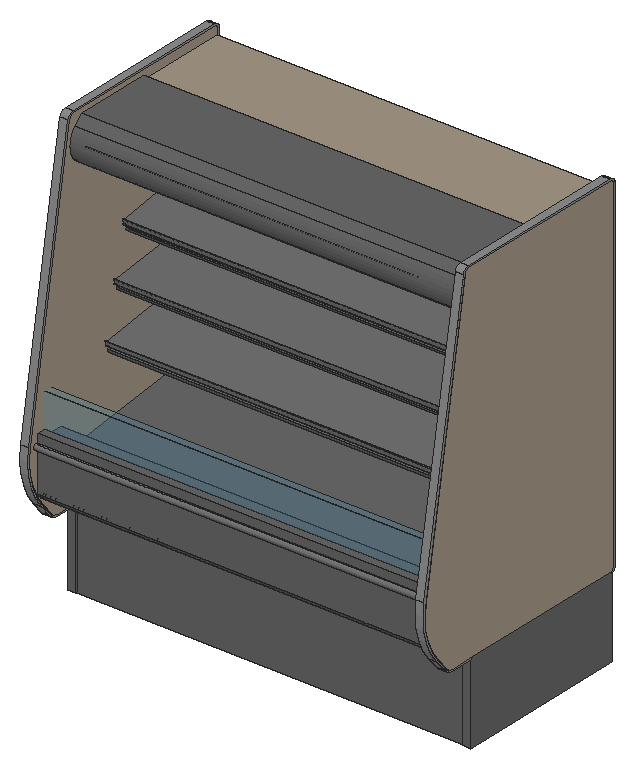
Revit family "OHMA", category Mechanical Equipment, Revit 2019
Family settings
  Round Connector Dimension = Use Radius
  Part Type = Normal
  OmniClass Number = 23.40.40.11.17
  OmniClass Title = Refrigerated Cases
  Work Plane-Based = Yes
  Always vertical = Yes
  Cut with Voids When Loaded = No
  Shared = No
  Room Calculation Point = No
Parameters (values of type "6'")
  Width = 43 1/4"  # constant formula
  URL = "http://www.hillphoenix.com/?s=ohma"
  Timed-Off Defrost Termination Temp = 48 °F  # constant formula
  Timed-Off Defrost Fail-Safe (Min) = "60 (Min)"  # constant formula
  TOP REFRIGERATION PIPING = yes
  TOP ELECTRICAL = yes
  TOEKICK [instance] = BLACK PAINTED METAL
  Systems Frequency = 60 Hz  # constant formula
  System Data Volts = 208 V  # constant formula
  System Data Phase = 1  # constant formula
  Superheat Set Point @ Bulb (°F) = "6 - 8"  # constant formula
  Suction Pressure @ Case Outlet (psig) (text) = "52-54  psi"  # constant formula
  Standard Power Watts = 0 W
  Standard Power Amps = 0 A
  STAINLESS STEEL = GALVANIZED STEEL
  Running Load (RLA) Amps = 0 A
  Refrigerant = "R404A"  # constant formula
  Refgn = 28 5/8"
  RT STD END = yes
  REFRIGERATION PIPING = COPPER PIPE
  RUBBER BUMPER [instance] = BLACK
  REAR REFRIGERATION PIPING = yes
  Plug Style = "NEMA L14-20P"  # constant formula
  PAINTED METAL UPPER SHELF = PAINTED SHELVES
  PAINTED METAL INTERIOR [instance] = GALVANIZED STEEL
  PAINTED METAL EXTERIOR [instance] = CHARCOAL BROWN
  Model = "OHMA-NRG"  # constant formula
  Manufacturer = "HILL PHOENIX"  # constant formula
  Locked Rotor (LRA) Amps = 0 A
  Lights Per Row = 0
  Light Length = "4'"  # constant formula
  Length = 72"
  Legend Number = Model  # "OHMA-NRG"
  Lbs. of Refrigerant = 0
  LF STD END = yes
  Keynote = ""  # constant formula
  Item Description = Description  # "Mobile High Multi-Deck Self-Contained Merchandiser"
  High Power (Cornice) Watts = 0 W
  High Power (Cornice) Amps = 0 A
  Height = 75 1/2"  # constant formula
  GLASS = Glass
  EQUIPMENT MARK = Legend Number  # "OHMA-NRG"
  EQUIPMENT DESCRIPTION = Item Description  # "Mobile High Multi-Deck Self-Contained Merchandiser"
  Discharge Air Velocity (FPM) = 350 FPM  # constant formula
  Discharge Air (°F) = 31.7 °F  # constant formula
  Description = "Mobile High Multi-Deck Self-Contained Merchandiser"  # constant formula
  Defrosts Per Day = 4  # constant formula
  Default Elevation = 48"
  DRAIN PIPING = yes
  DRAIN LINE = Length / 2  # 36"
  DESIGNERS NAME = "SHIDDRAMESH"  # constant formula
  DATE = "05/20/2016"  # constant formula
  Cord Length = 120"  # constant formula
  Condensing Frequency (Hz) = 60 Hz  # constant formula
  Condensing Data  Phase = 1  # constant formula
  Condensing  Data Volts = 208 V  # constant formula
  Condensed Horsepower = ""
  Certifications = "NSF 7, UL471, CSA"  # constant formula
  CENTER LINE = Length / 2  # 36"
  BOTTOM REFRIGERATION PIPING = yes
  BOTTOM ELECTRICAL = yes
  BASE [instance] = BLACK PAINTED METAL
  Assembly Code = ""
  Application Discipline = ""
  24 hour Energy Usage (kWh) = "40.0 (kWh)"  # constant formula
  20" Shelf = yes
  16" Shelf = yes
  18" Shelf = yes
Types (4): name | Standard Power Watts | Standard Power Amps | Running Load (RLA) Amps | Refgn | Locked Rotor (LRA) Amps | Lights Per Row | Length | Lbs. of Refrigerant | High Power (Cornice) Watts | High Power (Cornice) Amps | DRAIN LINE | Condensed Horsepower | CENTER LINE
  4' | 11.9 W | 0.1 A | 6.2 A | 22 1/2" | 34 A | 1 | 48" | 5 | 21.5 W | 0.18 A | 24" | "3/4" | 24"
  6' | 0 W | 0 A | 0 A | 28 5/8" | 0 A | 0 | 72" | 0 | 0 W | 0 A | 36" | "" | 36"
  8' | 0 W | 0 A | 0 A | 28 5/8" | 0 A | 0 | 96" | 0 | 0 W | 0 A | 48" | "" | 48"
  12' | 0 W | 0 A | 0 A | 28 5/8" | 0 A | 0 | 144" | 0 | 0 W | 0 A | 72" | "" | 72"
Reference planes (in)
  plane 1: z = 0.01963
  plane 2 "LEFT": x = 0
  plane 3 "CASE RIGHT": x = 72
  plane 4: y = -15.80744
  plane 5: x = 73.5
  plane 6: x = 36
  plane 7: z = -5.89898
  plane 8: z = 22.71897
  plane 9: z = 66.59438
  plane 10: y = -58.49494
  plane 11: y = -46.93244
  plane 12: z = 20.58098
Forms (in)
  Extrusion 1, solid, material "BLACK PAINTED METAL" <- "BASE"
    sketch origin (0, 0, 0) x (0, 1, 0) y (0, 0, 1)
      loop
        line (-15.80744, 9.10102) -> (-48.30744, 9.10102) -> (-48.30744, -5.89898) -> (-15.80744, -5.89898) -> (-15.80744, 9.10102)
    from 0 to 72
  Extrusion 2, solid, material "BLACK PAINTED METAL" <- "BASE"
    sketch origin (0, 0, 4) x (0, 1, 0) y (0, 0, 1)
      loop
        line (-54.30253, 19.53243) -> (-55.86428, 19.53243) -> (-55.86428, 20.71938) -> (-57.60214, 20.71938) -> (-57.60214, 10.63324) -> (-56.64936, 9.57508)
        arc (-56.64936, 9.57508) -> (-56.62842, 9.55986) -> (-56.6031, 9.55448) r 0.06225
        line (-56.6031, 9.55448) -> (-55.97655, 9.55448) -> (-55.97655, 9.59748) -> (-55.73969, 9.59748) -> (-56.25153, 10.01073) -> (-56.25153, 15.40325) -> (-54.30253, 15.40325) -> (-54.30253, 19.53243)
    from 0 to 72
  Extrusion 3, solid, material "BLACK PAINTED METAL" <- "BASE"
    sketch origin (0, 0, 4) x (0, 1, 0) y (0, 0, 1)
      loop
        line (-52.13901, 19.53243) -> (-54.30253, 19.53243) -> (-54.30253, 13.448)
        arc (-54.30253, 13.448) -> (-52.47048, 9.13196) -> (-48.09313, 7.45166) r 6
        line (-48.09313, 7.45166) -> (-45.80791, 6.18488) -> (-43.17736, 6.18488) -> (-41.08634, 7.70386) -> (-23.60242, 8.33316)
        arc (-23.60242, 8.33316) -> (-19.4889, 10.16196) -> (-17.78682, 14.32951) r 6.03269
        line (-17.78682, 14.32951) -> (-17.78682, 15.93488) -> (-19.87926, 15.93488) -> (-19.87926, 18.47991)
        arc (-19.87926, 18.47991) -> (-20.01358, 18.13891) -> (-20.34438, 17.98113) r 0.5
        line (-20.34438, 17.98113) -> (-24.02333, 17.72387) -> (-24.04097, 17.9761) -> (-50.84928, 14.76444) -> (-51.06351, 14.688) -> (-52.13901, 14.688) -> (-52.13901, 19.53243)
    from 0 to 72
  Extrusion 4, solid, material "BLACK" <- "RUBBER BUMPER"
    sketch origin (0, -0.01781, 4) x (0, 1, 0) y (0, 0, 1)
      loop
        arc (-57.97714, 19.21897) -> (-58.47714, 18.71897) -> (-57.97714, 18.21897) r 0.5
        line (-57.97714, 18.21897) -> (-57.58433, 18.21897) -> (-57.58433, 19.21897) -> (-57.97714, 19.21897)
    from 0 to 72
  Extrusion 5, solid, material "CHARCOAL BROWN" <- "PAINTED METAL EXTERIOR"
    sketch origin (0, 0, 4) x (0, 1, 0) y (0, 0, 1)
      loop
        line (-56.25153, 10.01073) -> (-50.17041, 5.10102) -> (-15.80744, 5.10102) -> (-15.80744, 68.816) -> (-44.85203, 68.816) -> (-44.85203, 66.84) -> (-17.78682, 66.84) -> (-17.78682, 14.32951)
        arc (-17.78682, 14.32951) -> (-19.4889, 10.16196) -> (-23.60242, 8.33316) r 6.03269
        line (-23.60242, 8.33316) -> (-41.08634, 7.70386) -> (-43.17736, 6.18488) -> (-45.80791, 6.18488) -> (-48.09313, 7.45166)
        arc (-48.09313, 7.45166) -> (-52.47048, 9.13196) -> (-54.30253, 13.448) r 6
        line (-54.30253, 13.448) -> (-54.30253, 15.40325) -> (-56.25153, 15.40325) -> (-56.25153, 10.01073)
    from 0 to 72
  Extrusion 6, solid, material "PAINTED SHELVES" <- "PAINTED METAL UPPER SHELF", visible <- "16" Shelf"
    sketch origin (0, -7.12412, 0.89328) x (0, 0.990268, -0.139173) y (0, 0.139173, 0.990268)
      loop
        arc (-22.35686, 48.24604) -> (-21.66459, 48.24526) -> (-20.99907, 48.05466) r 2.5
        line (-20.99907, 48.05466) -> (-20.17485, 47.68645)
        arc (-20.17485, 47.68645) -> (-19.8791, 47.60694) -> (-19.57315, 47.62073) r 0.99938
        line (-19.57315, 47.62073) -> (-20.06663, 51.132) -> (-37.10617, 45.92599)
        arc (-37.10617, 45.92599) -> (-37.24297, 45.94121) -> (-37.33406, 46.04442) r 0.1911
        line (-37.33406, 46.04442) -> (-37.34691, 46.08911)
        arc (-37.34691, 46.08911) -> (-37.38428, 46.11065) -> (-37.40582, 46.07328) r 0.0305
        line (-37.40582, 46.07328) -> (-37.16003, 45.15847)
        arc (-37.16003, 45.15847) -> (-37.10132, 45.12113) -> (-37.05899, 45.17636) r 0.0515
        line (-37.05899, 45.17636) -> (-37.07234, 45.32775) -> (-31.76106, 46.75477) -> (-31.68496, 46.50586) -> (-22.35686, 48.24604)
    from 0 to 72
  Extrusion 7, solid, material "BLACK PAINTED METAL" <- "BASE"
    sketch origin (0, -0.01419, 6.34417) x (0, 1, 0) y (0, 0, 1)
      loop
        line (-20.44446, 53.87511) -> (-20.74869, 53.65811)
        arc (-20.74869, 53.65811) -> (-20.76327, 53.6304) -> (-20.75851, 53.59945) r 0.05
        line (-20.75851, 53.59945) -> (-20.44257, 52.97938)
        arc (-20.44257, 52.97938) -> (-20.38081, 52.92474) -> (-20.29837, 52.9269) r 0.1125
        line (-20.29837, 52.9269) -> (-19.94575, 53.07658)
        arc (-19.94575, 53.07658) -> (-19.8959, 53.11804) -> (-19.87721, 53.18013) r 0.1125
        line (-19.87721, 53.18013) -> (-19.87721, 54.68994) -> (-19.92553, 54.68994) -> (-19.92553, 53.18997) -> (-19.98051, 53.22467) -> (-20.44446, 53.87511)
      loop
        arc (-25.93891, 61.93898) -> (-25.97137, 61.95926) -> (-26.00866, 61.95065) r 0.05
        line (-26.00866, 61.95065) -> (-26.39007, 61.67859) -> (-26.86832, 62.34908)
        arc (-26.86832, 62.34908) -> (-26.88614, 62.3645) -> (-26.90903, 62.37005) r 0.05
        line (-26.90903, 62.37005) -> (-27.53403, 62.37005) -> (-27.53403, 62.32005) -> (-26.90903, 62.32005) -> (-25.96298, 60.99374)
        arc (-25.96298, 60.99374) -> (-25.92768, 60.98112) -> (-25.89033, 60.9843) r 0.08819
        line (-25.89033, 60.9843) -> (-25.5362, 61.09355) -> (-25.70875, 61.33545) -> (-25.57598, 61.43016) -> (-25.93891, 61.93898)
    from 0 to 72
  Extrusion 8, solid, material "Glass" <- "GLASS"
    sketch origin (0, 0, 4) x (0, 1, 0) y (0, 0, 1)
      loop
        line (-25.59721, 63.42327) -> (-25.95856, 63.31181) -> (-20.75085, 56.01087) -> (-20.45866, 56.21929) -> (-25.59721, 63.42327)
    from 0 to 72
  Extrusion 9, solid, material "BLACK PAINTED METAL" <- "BASE"
    sketch origin (0, 0, 4) x (0, 1, 0) y (0, 0, 1)
      loop
        line (-43.23283, 64.45598) -> (-43.23283, 66.84) -> (-44.85203, 66.84) -> (-44.85203, 68.816) -> (-32.83468, 68.816) -> (-32.83468, 69.59954) -> (-47.41103, 69.59954) -> (-48.91058, 68.09999)
        arc (-48.91058, 68.09999) -> (-50.04318, 65.33009) -> (-48.95705, 62.54164) r 4.036
        arc (-48.95705, 62.54164) -> (-48.75292, 62.45089) -> (-48.5458, 62.53461) r 0.286
        line (-48.5458, 62.53461) -> (-48.28726, 62.79315) -> (-48.38944, 62.89532) -> (-48.64797, 62.63679)
        arc (-48.64797, 62.63679) -> (-48.75298, 62.59543) -> (-48.85484, 62.64403) r 0.1415
        line (-48.85484, 62.64403) -> (-49.03253, 62.84851) -> (-49.03253, 64.07549) -> (-44.90879, 65.18044) -> (-43.95062, 64.73364)
        arc (-43.95062, 64.73364) -> (-43.92965, 64.7285) -> (-43.90831, 64.73179) r 0.05532
        line (-43.90831, 64.73179) -> (-43.26792, 64.96487) -> (-43.26792, 64.45598) -> (-43.23283, 64.45598)
    from 0 to 72
  Extrusion 10, solid, material "GALVANIZED STEEL" <- "PAINTED METAL INTERIOR"
    sketch origin (0, 0, 4) x (0, 1, 0) y (0, 0, 1)
      loop
        line (-43.23283, 66.84) -> (-43.23283, 64.45598) -> (-39.23283, 64.45598) -> (-39.23283, 64.71423) -> (-20.87926, 64.71423)
        arc (-20.87926, 64.71423) -> (-20.17215, 64.42134) -> (-19.87926, 63.71423) r 1
        line (-19.87926, 63.71423) -> (-19.87926, 15.93488) -> (-17.78682, 15.93488) -> (-17.78682, 66.84) -> (-43.23283, 66.84)
    from 0 to 72
  Extrusion 11, solid, material "BLACK PAINTED METAL" <- "BASE"
    sketch origin (0, 0, 4) x (0, 1, 0) y (0, 0, 1)
      loop
        line (-39.23283, 63.45598) -> (-39.23283, 64.45598) -> (-43.23283, 64.45598) -> (-43.23283, 63.45598) -> (-39.23283, 63.45598)
    from 0 to 72
  Extrusion 12, void
    sketch origin (0, 0, 0) x (1, 0, 0) y (0, 1, 0)
      loop
        circle (36, -44.43244) r 2
    from -5.89899 to -1.89899
  Extrusion 13, solid, material "COPPER PIPE" <- "REFRIGERATION PIPING", visible <- "DRAIN PIPING"
    sketch origin (0, 0, 0) x (1, 0, 0) y (0, 1, 0)
      loop
        circle (36, -44.43244) r 1.5
    from -5.89899 to -1.89899
  Extrusion 14, solid, material "Glass" <- "GLASS"
    sketch origin (0, 0, 4) x (0, 1, 0) y (0, 0, 1)
      loop
        line (-55.86428, 26.97602) -> (-55.86428, 19.53243) -> (-54.30803, 19.53243) -> (-54.30803, 26.97602) -> (-55.86428, 26.97602)
    from 0 to 72
  Extrusion 15, solid, material "CHARCOAL BROWN" <- "PAINTED METAL EXTERIOR", visible <- "LF STD END"
    sketch origin (0, 0, 4) x (0, 1, 0) y (0, 0, 1)
      loop
        arc (-49.0666, 70.44311) -> (-49.70797, 70.21033) -> (-50.05076, 69.62038) r 1
        line (-50.05076, 69.62038) -> (-59.16439, 19.02621)
        arc (-59.16439, 19.02621) -> (-58.92956, 13.27332) -> (-56.27675, 8.16318) r 13.25
        line (-56.27675, 8.16318) -> (-54.30843, 5.8161)
        arc (-54.30843, 5.8161) -> (-53.62125, 5.28858) -> (-52.7755, 5.10102) r 2.00063
        line (-52.7755, 5.10102) -> (-16.17497, 5.10102)
        arc (-16.17497, 5.10102) -> (-15.6427, 5.32149) -> (-15.42223, 5.85375) r 0.75274
        line (-15.42223, 5.85375) -> (-15.42223, 69.68202)
        arc (-15.42223, 69.68202) -> (-15.64515, 70.22019) -> (-16.18331, 70.44311) r 0.76108
        line (-16.18331, 70.44311) -> (-49.0666, 70.44311)
    from 0 to -1.5
  Extrusion 16, solid, material "GALVANIZED STEEL" <- "STAINLESS STEEL", visible <- "LF STD END"
    sketch origin (0, 0, 4) x (0, 1, 0) y (0, 0, 1)
      loop
        line (-49.0666, 70.44311) -> (-16.18331, 70.44311)
        arc (-16.18331, 70.44311) -> (-15.64515, 70.22019) -> (-15.42223, 69.68202) r 0.76108
        line (-15.42223, 69.68202) -> (-15.42223, 5.85375)
        arc (-15.42223, 5.85375) -> (-15.52563, 5.47299) -> (-15.80744, 5.19684) r 0.75274
        line (-15.80744, 5.19684) -> (-15.80744, 4.9208)
        arc (-15.80744, 4.9208) -> (-15.34611, 5.28942) -> (-15.17223, 5.85375) r 1.00274
        line (-15.17223, 5.85375) -> (-15.17223, 69.68202)
        arc (-15.17223, 69.68202) -> (-15.46837, 70.39697) -> (-16.18331, 70.69311) r 1.01108
        line (-16.18331, 70.69311) -> (-49.0666, 70.69311)
        arc (-49.0666, 70.69311) -> (-49.86831, 70.40214) -> (-50.2968, 69.6647) r 1.25
        line (-50.2968, 69.6647) -> (-59.41043, 19.07053)
        arc (-59.41043, 19.07053) -> (-59.17117, 13.20909) -> (-56.4683, 8.00254) r 13.5
        line (-56.4683, 8.00254) -> (-54.48471, 5.63724)
        arc (-54.48471, 5.63724) -> (-53.71167, 5.0438) -> (-52.76022, 4.8328) r 2.25063
        line (-52.76022, 4.8328) -> (-48.55744, 4.8328) -> (-48.55744, 5.10102) -> (-52.7755, 5.10102)
        arc (-52.7755, 5.10102) -> (-53.62125, 5.28858) -> (-54.30843, 5.8161) r 2.00063
        line (-54.30843, 5.8161) -> (-56.27675, 8.16318)
        arc (-56.27675, 8.16318) -> (-58.92956, 13.27332) -> (-59.16439, 19.02621) r 13.25
        line (-59.16439, 19.02621) -> (-50.05076, 69.62038)
        arc (-50.05076, 69.62038) -> (-49.70797, 70.21033) -> (-49.0666, 70.44311) r 1
    from 0 to -1.5
  Extrusion 17, solid, material "BLACK PAINTED METAL" <- "BASE", visible <- "LF STD END"
    sketch origin (0, 0, 0.08761) x (0, 1, 0) y (0, 0, 1)
      loop
        line (-48.55744, -5.98659) -> (-15.80744, -5.98659) -> (-15.80744, 9.01341) -> (-48.55744, 9.01341) -> (-48.55744, -5.98659)
    from 0 to -1.5
  Extrusion 18, solid, material "CHARCOAL BROWN" <- "PAINTED METAL EXTERIOR", visible <- "RT STD END"
    sketch origin (89, 0, 4) x (0, 1, 0) y (0, 0, 1)
      loop
        arc (-49.0666, 70.44311) -> (-49.70797, 70.21033) -> (-50.05076, 69.62038) r 1
        line (-50.05076, 69.62038) -> (-59.16439, 19.02621)
        arc (-59.16439, 19.02621) -> (-58.92956, 13.27332) -> (-56.27675, 8.16318) r 13.25
        line (-56.27675, 8.16318) -> (-54.30843, 5.8161)
        arc (-54.30843, 5.8161) -> (-53.62125, 5.28858) -> (-52.7755, 5.10102) r 2.00063
        line (-52.7755, 5.10102) -> (-16.17497, 5.10102)
        arc (-16.17497, 5.10102) -> (-15.6427, 5.32149) -> (-15.42223, 5.85375) r 0.75274
        line (-15.42223, 5.85375) -> (-15.42223, 69.68202)
        arc (-15.42223, 69.68202) -> (-15.64515, 70.22019) -> (-16.18331, 70.44311) r 0.76108
        line (-16.18331, 70.44311) -> (-49.0666, 70.44311)
    from -15.5 to -17
  Extrusion 19, solid, material "GALVANIZED STEEL" <- "STAINLESS STEEL", visible <- "RT STD END"
    sketch origin (89, 0, 4) x (0, 1, 0) y (0, 0, 1)
      loop
        line (-49.0666, 70.44311) -> (-16.18331, 70.44311)
        arc (-16.18331, 70.44311) -> (-15.64515, 70.22019) -> (-15.42223, 69.68202) r 0.76108
        line (-15.42223, 69.68202) -> (-15.42223, 5.85375)
        arc (-15.42223, 5.85375) -> (-15.52563, 5.47299) -> (-15.80744, 5.19684) r 0.75274
        line (-15.80744, 5.19684) -> (-15.80744, 4.9208)
        arc (-15.80744, 4.9208) -> (-15.34611, 5.28942) -> (-15.17223, 5.85375) r 1.00274
        line (-15.17223, 5.85375) -> (-15.17223, 69.68202)
        arc (-15.17223, 69.68202) -> (-15.46837, 70.39697) -> (-16.18331, 70.69311) r 1.01108
        line (-16.18331, 70.69311) -> (-49.0666, 70.69311)
        arc (-49.0666, 70.69311) -> (-49.86831, 70.40214) -> (-50.2968, 69.6647) r 1.25
        line (-50.2968, 69.6647) -> (-59.41043, 19.07053)
        arc (-59.41043, 19.07053) -> (-59.17117, 13.20909) -> (-56.4683, 8.00254) r 13.5
        line (-56.4683, 8.00254) -> (-54.48471, 5.63724)
        arc (-54.48471, 5.63724) -> (-53.71167, 5.0438) -> (-52.76022, 4.8328) r 2.25063
        line (-52.76022, 4.8328) -> (-48.55744, 4.8328) -> (-48.55744, 5.10102) -> (-52.7755, 5.10102)
        arc (-52.7755, 5.10102) -> (-53.62125, 5.28858) -> (-54.30843, 5.8161) r 2.00063
        line (-54.30843, 5.8161) -> (-56.27675, 8.16318)
        arc (-56.27675, 8.16318) -> (-58.92956, 13.27332) -> (-59.16439, 19.02621) r 13.25
        line (-59.16439, 19.02621) -> (-50.05076, 69.62038)
        arc (-50.05076, 69.62038) -> (-49.70797, 70.21033) -> (-49.0666, 70.44311) r 1
    from -15.5 to -17
  Extrusion 20, solid, material "BLACK PAINTED METAL" <- "BASE", visible <- "RT STD END"
    sketch origin (89, 0, 0) x (0, 1, 0) y (0, 0, 1)
      loop
        line (-48.55744, -5.89898) -> (-15.80744, -5.89898) -> (-15.80744, 9.10102) -> (-48.55744, 9.10102) -> (-48.55744, -5.89898)
    from -15.5 to -17
  Extrusion 21, void
    sketch origin (0, 0, 0) x (1, 0, 0) y (0, 1, 0)
      loop
        line (27.4375, -41.93244) -> (3.4375, -41.93244) -> (3.4375, -45.74494) -> (27.4375, -45.74494) -> (27.4375, -41.93244)
    from -5.89899 to -1.89899
  Extrusion 22, solid, visible <- "BOTTOM ELECTRICAL"
    sketch origin (0, 0, 0) x (1, 0, 0) y (0, 1, 0)
      loop
        line (3.59987, -42.08232) -> (3.59987, -45.53242) -> (27.25236, -45.53242) -> (27.25236, -42.08232) -> (3.59987, -42.08232)
    from -1.89899 to -2.14899
  Extrusion 23, solid, material "BLACK PAINTED METAL" <- "BASE"
    sketch origin (0, -5.33131, 6.15399) x (0, 1, 0) y (0, 0, 1)
      loop
        circle (-40.39807, 61.64645) r 0.5625
      loop
        circle (-42.17292, 61.66717) r 0.5625
    from 0 to 72
  Extrusion 24, solid, material "PAINTED SHELVES" <- "PAINTED METAL UPPER SHELF", visible <- "16" Shelf"
    sketch origin (0, -12.20857, 6.74228) x (0, 0.990268, -0.139173) y (0, 0.139173, 0.990268)
      loop
        circle (-30.00179, 39.31569) r 0.5
    from 0 to 72
  Extrusion 25, solid, material "PAINTED SHELVES" <- "PAINTED METAL UPPER SHELF", visible <- "16" Shelf"
    sketch origin (0, -12.20857, -3.50772) x (0, 0.990268, -0.139173) y (0, 0.139173, 0.990268)
      loop
        arc (-33.46044, 41.70569) -> (-33.59744, 41.71906) -> (-33.68992, 41.82102) r 0.1911
        line (-33.68992, 41.82102) -> (-33.70337, 41.86553)
        arc (-33.70337, 41.86553) -> (-33.74103, 41.88656) -> (-33.76207, 41.84891) r 0.0305
        line (-33.76207, 41.84891) -> (-33.50388, 40.93752)
        arc (-33.50388, 40.93752) -> (-33.44467, 40.90097) -> (-33.4031, 40.95678) r 0.0515
        line (-33.4031, 40.95678) -> (-33.41824, 41.1054) -> (-30.08886, 42.04857) -> (-30.05806, 41.93362) -> (-17.78954, 44.02737)
        arc (-17.78954, 44.02737) -> (-17.05705, 44.05458) -> (-16.34815, 43.86818) r 2.5
        line (-16.34815, 43.86818) -> (-14.58275, 43.11229)
        arc (-14.58275, 43.11229) -> (-14.19403, 43.03181) -> (-13.80464, 43.10893) r 0.99982
        line (-13.80464, 43.10893) -> (-14.32791, 46.83224) -> (-33.46044, 41.70569)
    from 0 to 72
  Extrusion 26, solid, material "PAINTED SHELVES" <- "PAINTED METAL UPPER SHELF", visible <- "16" Shelf"
    sketch origin (0, -12.90614, -3.23336) x (0, 0.990268, -0.139173) y (0, 0.139173, 0.990268)
      loop
        arc (-33.33865, 31.89764) -> (-33.47542, 31.91314) -> (-33.5663, 32.01654) r 0.1911
        line (-33.5663, 32.01654) -> (-33.57905, 32.06125)
        arc (-33.57905, 32.06125) -> (-33.61638, 32.08287) -> (-33.638, 32.04555) r 0.0305
        line (-33.638, 32.04555) -> (-33.3941, 31.13024)
        arc (-33.3941, 31.13024) -> (-33.33546, 31.09277) -> (-33.29302, 31.14791) r 0.0515
        line (-33.29302, 31.14791) -> (-33.30576, 31.29581) -> (-27.92907, 32.72851) -> (-27.86186, 32.49412) -> (-15.61749, 34.57862)
        arc (-15.61749, 34.57862) -> (-14.88467, 34.59438) -> (-14.17877, 34.39691) r 2.5
        line (-14.17877, 34.39691) -> (-12.42134, 33.61658)
        arc (-12.42134, 33.61658) -> (-12.09459, 33.53219) -> (-11.75837, 33.56117) r 1.00105
        line (-11.75837, 33.56117) -> (-12.36951, 37.90969) -> (-33.33865, 31.89764)
    from 0 to 72
  Extrusion 27, solid, material "PAINTED SHELVES" <- "PAINTED METAL UPPER SHELF", visible <- "16" Shelf"
    sketch origin (0, -15.86322, -5.46153) x (0, 0.990268, -0.139173) y (0, 0.139173, 0.990268)
      loop
        circle (-29.1398, 42.85625) r 0.5
    from 0 to 72
  Extrusion 28, solid, material "PAINTED SHELVES" <- "PAINTED METAL UPPER SHELF", visible <- "16" Shelf"
    sketch origin (0, -10.23158, -40.76831) x (0, 0.990268, -0.139173) y (0, 0.139173, 0.990268)
      loop
        line (-14.26811, 41.86116) -> (-42.3893, 37.90899) -> (-41.40123, 30.87853) -> (-13.28004, 34.8307) -> (-14.26811, 41.86116)
    from 0 to 72
  Extrusion 29, solid, material "PAINTED SHELVES" <- "PAINTED METAL UPPER SHELF", visible <- "16" Shelf"
    sketch origin (0, -17.89036, -14.99847) x (0, 0.990268, -0.139173) y (0, 0.139173, 0.990268)
      loop
        circle (-29.1398, 42.85625) r 0.5
    from 0 to 72
Cuts and joins
  Extrusion 12, Extrusion 21 cuts Extrusion 1
Dimensions and locks (in)
  "Length": plane 2 "LEFT" to plane 3 "CASE RIGHT"
  "DRAIN LINE": plane 2 "LEFT" to plane 6
  locked: plane 3 "CASE RIGHT" to plane 5 at 1.5
  locked: Extrusion 12 sketch curve to plane 4 at 28.625
  locked: Extrusion 13 sketch curve to plane 4 at 28.625
  Extrusion 17 to cut or joined group of Extrusion 1, Extrusion 12, Extrusion 21 = 32 1/2"
  Extrusion 5 to Extrusion 9 = 34.23589"
  Extrusion 14 to plane 7 = 36 7/8"
  plane 8 to plane 7 = 28.61796"
  plane 9 to Extrusion 2 = 41 7/8"
  Extrusion 17 to plane 10 = 42 11/16"
  Extrusion 17 to plane 11 = 31 1/8"
  Extrusion 10 to Extrusion 3 = 32.25975"
  Extrusion 6 to Extrusion 6 = 18.00093"
  Extrusion 25 to Extrusion 25 = 19.9838"
  Extrusion 26 to Extrusion 26 = 22.00026"
  Extrusion 11 to plane 12 = 46 7/8"
  Extrusion 9 to Extrusion 17 = 79.49852"
  Extrusion 17 to Extrusion 17 = 15"
  Extrusion 28 to Extrusion 28 = 28.39755"
  aligned and locked: plane 3 "CASE RIGHT" to Extrusion 5
  aligned and locked: plane 3 "CASE RIGHT" to Extrusion 10
  aligned and locked: plane 3 "CASE RIGHT" to Extrusion 8
  aligned and locked: plane 3 "CASE RIGHT" to Extrusion 9
  aligned and locked: plane 3 "CASE RIGHT" to Extrusion 11
  aligned and locked: plane 3 "CASE RIGHT" to Extrusion 3
  aligned and locked: plane 3 "CASE RIGHT" to Extrusion 1
  aligned and locked: plane 3 "CASE RIGHT" to Extrusion 6
  aligned and locked: plane 3 "CASE RIGHT" to Extrusion 7
  aligned and locked: plane 3 "CASE RIGHT" to Extrusion 2
  aligned and locked: plane 3 "CASE RIGHT" to Extrusion 4
  aligned and locked: plane 3 "CASE RIGHT" to Extrusion 14
  aligned and locked: Extrusion 19 to plane 3 "CASE RIGHT"
  aligned and locked: plane 5 to Extrusion 19
  aligned and locked: Extrusion 18 to plane 3 "CASE RIGHT"
  aligned and locked: plane 5 to Extrusion 18
  aligned and locked: Extrusion 20 to plane 3 "CASE RIGHT"
  aligned and locked: plane 5 to Extrusion 20
  aligned and locked: plane 3 "CASE RIGHT" to Extrusion 25
  aligned and locked: plane 3 "CASE RIGHT" to Extrusion 27
  aligned and locked: plane 3 "CASE RIGHT" to Extrusion 24
  aligned and locked: plane 3 "CASE RIGHT" to Extrusion 23
  aligned and locked: plane 3 "CASE RIGHT" to Extrusion 26
  aligned and locked: Extrusion 28 to plane 3 "CASE RIGHT"
  aligned and locked: plane 3 "CASE RIGHT" to Extrusion 29
Automatic sketch dimensions
  Extrusion 1 sketch curve to plane 7 = 0"
  Extrusion 1 sketch curve to plane 4 = 0"
  Extrusion 1 sketch curve to plane 11 = 1 3/8"
  plane 1 to Extrusion 1 sketch curve = 9.08138"
  Extrusion 2 sketch curve to plane 10 = 0.8928"
  Extrusion 2 sketch curve to Extrusion 2 sketch curve = 0.95277"
  Extrusion 2 sketch curve to Extrusion 2 sketch curve = 0.04626"
  Extrusion 2 sketch curve to Extrusion 2 sketch curve = 45/128"
  Extrusion 2 sketch curve to Extrusion 2 sketch curve = 0.27498"
  Extrusion 2 sketch curve to Extrusion 2 sketch curve = 1.73785"
  Extrusion 2 sketch curve to Extrusion 2 sketch curve = 0.23687"
  Extrusion 2 sketch curve to Extrusion 2 sketch curve = 1.56175"
  Extrusion 2 sketch curve to plane 12 = 7.0265"
  Extrusion 2 sketch curve to Extrusion 2 sketch curve = 0.0206"
  Extrusion 2 sketch curve to Extrusion 2 sketch curve = 0.043"
  Extrusion 2 sketch curve to Extrusion 2 sketch curve = 0.41325"
  Extrusion 2 sketch curve to Extrusion 2 sketch curve = 1.05816"
  Extrusion 2 sketch curve to plane 12 = 1.17773"
  plane 8 to Extrusion 2 sketch curve = 0.81346"
  Extrusion 2 sketch curve to Extrusion 2 sketch curve = 1.18695"
  plane 8 to Extrusion 3 sketch curve = 0.81346"
  Extrusion 3 sketch curve to plane 10 = 4.1924"
  Extrusion 3 sketch curve to Extrusion 3 sketch curve = 2.16352"
  Extrusion 3 sketch curve to Extrusion 3 sketch curve = 1.0755"
  Extrusion 3 sketch curve to plane 12 = 1.81653"
  Extrusion 3 sketch curve to Extrusion 3 sketch curve = 0.21424"
  Extrusion 3 sketch curve to plane 11 = 1.3701"
  Extrusion 3 sketch curve to plane 11 = 1.1607"
  plane 11 to Extrusion 3 sketch curve = 1.12452"
  Extrusion 3 sketch curve to Extrusion 3 sketch curve = 2.63055"
  Extrusion 3 sketch curve to Extrusion 3 sketch curve = 2.09102"
  Extrusion 3 sketch curve to plane 8 = 0.74287"
  plane 4 to Extrusion 3 sketch curve = 8.23353"
  Extrusion 3 sketch curve to plane 8 = 0.9951"
  Extrusion 3 sketch curve to Extrusion 3 sketch curve = 0.01764"
  Extrusion 3 sketch curve to Extrusion 3 sketch curve = 0.20392"
  Extrusion 3 sketch curve to Extrusion 3 sketch curve = 0.217"
  Extrusion 3 sketch curve to plane 8 = 0.23906"
  Extrusion 3 sketch curve to Extrusion 3 sketch curve = 3.66171"
  Extrusion 3 sketch curve to plane 8 = 0.73785"
  Extrusion 3 sketch curve to plane 12 = 0.6461"
  Extrusion 3 sketch curve to Extrusion 3 sketch curve = 0.46512"
  plane 4 to Extrusion 3 sketch curve = 1.97938"
  Extrusion 3 sketch curve to Extrusion 3 sketch curve = 0.07644"
  Extrusion 3 sketch curve to plane 12 = 2.21903"
  Extrusion 3 sketch curve to Extrusion 3 sketch curve = 1.60537"
  Extrusion 3 sketch curve to Extrusion 3 sketch curve = 1.24"
  Extrusion 3 sketch curve to Extrusion 3 sketch curve = 0.2522"
  Extrusion 3 sketch curve to Extrusion 3 sketch curve = 1.26678"
  Extrusion 3 sketch curve to Extrusion 3 sketch curve = 0"
  plane 8 to Extrusion 4 sketch curve = 0"
  Extrusion 4 sketch curve to plane 10 = 1/2"
  Extrusion 4 sketch curve to Extrusion 4 sketch curve = 0.39281"
  Extrusion 4 sketch curve to plane 8 = 1/2"
  Extrusion 5 sketch curve to plane 4 = 0"
  plane 4 to Extrusion 5 sketch curve = 1.97938"
  plane 4 to Extrusion 5 sketch curve = 7.79498"
  Extrusion 5 sketch curve to plane 12 = 2.21903"
  Extrusion 5 sketch curve to Extrusion 5 sketch curve = 6.0326"
  plane 11 to Extrusion 5 sketch curve = 5.84609"
  Extrusion 5 sketch curve to Extrusion 5 sketch curve = 2.09102"
  plane 11 to Extrusion 5 sketch curve = 2.0804"
  plane 11 to Extrusion 5 sketch curve = 1.12452"
  Extrusion 5 sketch curve to plane 11 = 1.1607"
  Extrusion 5 sketch curve to plane 11 = 1.3701"
  Extrusion 5 sketch curve to Extrusion 5 sketch curve = 2.07728"
  Extrusion 5 sketch curve to plane 12 = 1.17773"
  Extrusion 5 sketch curve to plane 10 = 4.1924"
  Extrusion 5 sketch curve to plane 10 = 2.2434"
  Extrusion 5 sketch curve to plane 12 = 2.25147"
  Extrusion 5 sketch curve to Extrusion 5 sketch curve = 1.95525"
  Extrusion 5 sketch curve to Extrusion 5 sketch curve = 3.43727"
  Extrusion 5 sketch curve to Extrusion 5 sketch curve = 0.2522"
  Extrusion 5 sketch curve to Extrusion 5 sketch curve = 1.51898"
  Extrusion 5 sketch curve to Extrusion 5 sketch curve = 3.23215"
  plane 9 to Extrusion 5 sketch curve = 4.24562"
  Extrusion 5 sketch curve to Extrusion 5 sketch curve = 1.976"
  plane 11 to Extrusion 6 sketch curve = 9.1787"
  Extrusion 6 sketch curve to plane 9 = 14.87032"
  Extrusion 6 sketch curve to Extrusion 6 sketch curve = 0.02946"  (x2)
  Extrusion 6 sketch curve to Extrusion 6 sketch curve = 0.01285"
  Extrusion 6 sketch curve to Extrusion 6 sketch curve = 0.17403"
  Extrusion 6 sketch curve to Extrusion 6 sketch curve = 0.17921"
  Extrusion 6 sketch curve to Extrusion 6 sketch curve = 0.04974"
  Extrusion 6 sketch curve to Extrusion 6 sketch curve = 0.04869"
  Extrusion 6 sketch curve to Extrusion 6 sketch curve = 0.03795"
  Extrusion 6 sketch curve to Extrusion 6 sketch curve = 0.0513"
  Extrusion 6 sketch curve to Extrusion 6 sketch curve = 5.3451"
  Extrusion 6 sketch curve to Extrusion 6 sketch curve = 0.0761"
  Extrusion 6 sketch curve to Extrusion 6 sketch curve = 9.3281"
  Extrusion 6 sketch curve to Extrusion 6 sketch curve = 0.34336"
  Extrusion 6 sketch curve to Extrusion 6 sketch curve = 1.3578"
  Extrusion 6 sketch curve to Extrusion 6 sketch curve = 211/256"
  Extrusion 6 sketch curve to Extrusion 6 sketch curve = 0.93243"
  Extrusion 6 sketch curve to Extrusion 6 sketch curve = 0.40426"
  Extrusion 6 sketch curve to Extrusion 6 sketch curve = 0.6017"
  Extrusion 6 sketch curve to Extrusion 6 sketch curve = 0.02886"
  Extrusion 6 sketch curve to Extrusion 6 sketch curve = 0.11843"
  Extrusion 6 sketch curve to Extrusion 6 sketch curve = 5/32"
  Extrusion 6 sketch curve to Extrusion 6 sketch curve = 0.59824"
  Extrusion 6 sketch curve to Extrusion 6 sketch curve = 0.15139"
  Extrusion 6 sketch curve to Extrusion 6 sketch curve = 0.00452"
  Extrusion 6 sketch curve to Extrusion 6 sketch curve = 0.00791"
  Extrusion 6 sketch curve to Extrusion 6 sketch curve = 0.57987"
  Extrusion 6 sketch curve to Extrusion 6 sketch curve = 0.24891"
  Extrusion 6 sketch curve to Extrusion 6 sketch curve = 1.851"
  Extrusion 6 sketch curve to Extrusion 6 sketch curve = 0.06571"
  Extrusion 6 sketch curve to Extrusion 6 sketch curve = 0.36822"
  Extrusion 6 sketch curve to Extrusion 6 sketch curve = 2.53159"
  plane 9 to Extrusion 7 sketch curve = 2.11984"
  plane 4 to Extrusion 7 sketch curve = 11.74078"
  Extrusion 7 sketch curve to Extrusion 7 sketch curve = 5/8"
  Extrusion 7 sketch curve to Extrusion 7 sketch curve = 0"  (x2)
  plane 9 to Extrusion 7 sketch curve = 2.09887"
  Extrusion 7 sketch curve to Extrusion 7 sketch curve = 0.04071"  (x2)
  plane 9 to Extrusion 7 sketch curve = 1.42838"
  Extrusion 7 sketch curve to Extrusion 7 sketch curve = 0.47826"
  plane 9 to Extrusion 7 sketch curve = 1.70044"
  Extrusion 7 sketch curve to Extrusion 7 sketch curve = 0.02904"
  plane 9 to Extrusion 7 sketch curve = 0.74353"
  Extrusion 7 sketch curve to Extrusion 7 sketch curve = 0.42709"
  plane 9 to Extrusion 7 sketch curve = 1.68877"
  Extrusion 7 sketch curve to Extrusion 7 sketch curve = 0.04665"
  plane 9 to Extrusion 7 sketch curve = 0.73409"
  Extrusion 7 sketch curve to Extrusion 7 sketch curve = 0.07265"
  plane 9 to Extrusion 7 sketch curve = 1.08524"
  Extrusion 7 sketch curve to Extrusion 7 sketch curve = 0.20758"
  plane 9 to Extrusion 7 sketch curve = 1.17995"
  plane 9 to Extrusion 7 sketch curve = 0.84334"
  plane 4 to Extrusion 7 sketch curve = 4.96526"
  Extrusion 7 sketch curve to Extrusion 7 sketch curve = 0.00982"
  Extrusion 7 sketch curve to Extrusion 7 sketch curve = 0.03473"
  Extrusion 7 sketch curve to Extrusion 7 sketch curve = 0.26949"
  Extrusion 7 sketch curve to Extrusion 7 sketch curve = 0.31594"
  Extrusion 7 sketch curve to Extrusion 7 sketch curve = 0.10024"
  Extrusion 7 sketch curve to Extrusion 7 sketch curve = 0.04396"  (x2)
  Extrusion 7 sketch curve to Extrusion 7 sketch curve = 0.35262"
  Extrusion 7 sketch curve to Extrusion 7 sketch curve = 0.0092"
  Extrusion 7 sketch curve to Extrusion 7 sketch curve = 0.51894"
  Extrusion 7 sketch curve to Extrusion 7 sketch curve = 0.04832"
  Extrusion 7 sketch curve to plane 9 = 5.56027"
  Extrusion 7 sketch curve to Extrusion 7 sketch curve = 0.81482"
  Extrusion 7 sketch curve to Extrusion 7 sketch curve = 0.217"
  Extrusion 7 sketch curve to Extrusion 7 sketch curve = 0.03597"
  Extrusion 7 sketch curve to Extrusion 7 sketch curve = 0.0347"
  Extrusion 7 sketch curve to Extrusion 7 sketch curve = 0.00983"
  Extrusion 7 sketch curve to Extrusion 7 sketch curve = 0.14968"
  Extrusion 7 sketch curve to Extrusion 7 sketch curve = 0.05107"
  plane 9 to Extrusion 8 sketch curve = 0.71743"
  plane 4 to Extrusion 8 sketch curve = 10.15112"
  plane 9 to Extrusion 8 sketch curve = 0.82889"
  Extrusion 8 sketch curve to Extrusion 8 sketch curve = 0.36135"
  plane 4 to Extrusion 8 sketch curve = 4.94341"
  Extrusion 8 sketch curve to Extrusion 8 sketch curve = 0.29219"
  Extrusion 9 sketch curve to Extrusion 9 sketch curve = 0"  (x2)
  Extrusion 9 sketch curve to plane 11 = 2.1001"
  Extrusion 9 sketch curve to plane 11 = 1.97814"
  plane 9 to Extrusion 9 sketch curve = 0.04965"
  Extrusion 9 sketch curve to Extrusion 9 sketch curve = 0.1777"
  Extrusion 9 sketch curve to Extrusion 9 sketch curve = 0.10681"
  plane 9 to Extrusion 9 sketch curve = 0.04241"
  Extrusion 9 sketch curve to Extrusion 9 sketch curve = 0.10006"
  Extrusion 9 sketch curve to plane 9 = 0.05977"
  Extrusion 9 sketch curve to Extrusion 9 sketch curve = 0.10218"
  plane 9 to Extrusion 9 sketch curve = 0.30094"
  Extrusion 9 sketch curve to Extrusion 9 sketch curve = 0.25853"
  Extrusion 9 sketch curve to plane 11 = 0.4786"
  plane 11 to Extrusion 9 sketch curve = 0.92511"
  Extrusion 9 sketch curve to Extrusion 9 sketch curve = 1.09853"
  plane 11 to Extrusion 9 sketch curve = 2.0804"
  Extrusion 9 sketch curve to Extrusion 9 sketch curve = 0.95818"
  Extrusion 9 sketch curve to Extrusion 9 sketch curve = 0.02338"
  Extrusion 9 sketch curve to Extrusion 9 sketch curve = 0.0423"
  Extrusion 9 sketch curve to Extrusion 9 sketch curve = 0.6404"
  Extrusion 9 sketch curve to Extrusion 9 sketch curve = 1.6192"
  Extrusion 9 sketch curve to Extrusion 9 sketch curve = 10.39815"
  plane 9 to Extrusion 9 sketch curve = 0.25413"
  Extrusion 9 sketch curve to Extrusion 9 sketch curve = 1.22697"
  plane 9 to Extrusion 9 sketch curve = 1.86159"
  Extrusion 9 sketch curve to Extrusion 9 sketch curve = 0.27581"
  Extrusion 9 sketch curve to Extrusion 9 sketch curve = 0.00185"
  Extrusion 9 sketch curve to Extrusion 9 sketch curve = 0.5089"
  Extrusion 9 sketch curve to Extrusion 9 sketch curve = 0.4468"
  Extrusion 9 sketch curve to Extrusion 9 sketch curve = 0.11591"
  Extrusion 9 sketch curve to Extrusion 9 sketch curve = 1.65956"
  Extrusion 9 sketch curve to Extrusion 9 sketch curve = 4.0245"
  Extrusion 9 sketch curve to Extrusion 9 sketch curve = 1.976"
  Extrusion 9 sketch curve to Extrusion 9 sketch curve = 0.78354"
  plane 11 to Extrusion 10 sketch curve = 3.69961"
  plane 9 to Extrusion 10 sketch curve = 1.86159"
  Extrusion 10 sketch curve to Extrusion 10 sketch curve = 4"
  plane 9 to Extrusion 10 sketch curve = 2.11985"
  plane 4 to Extrusion 10 sketch curve = 5.07182"
  Extrusion 10 sketch curve to plane 12 = 0.6461"
  plane 4 to Extrusion 10 sketch curve = 4.07182"
  plane 4 to Extrusion 10 sketch curve = 1.97938"
  Extrusion 10 sketch curve to Extrusion 10 sketch curve = 2.38402"
  plane 9 to Extrusion 11 sketch curve = 0.86159"
  plane 11 to Extrusion 11 sketch curve = 3.69961"
  plane 9 to Extrusion 11 sketch curve = 1.86159"
  Extrusion 11 sketch curve to Extrusion 11 sketch curve = 4"
  Extrusion 12 sketch curve to plane 6 = 0"
  Extrusion 13 sketch curve to plane 6 = 0"
  plane 8 to Extrusion 14 sketch curve = 0.81346"
  Extrusion 14 sketch curve to plane 10 = 2.63065"
  Extrusion 14 sketch curve to Extrusion 14 sketch curve = 1.55625"
  Extrusion 14 sketch curve to Extrusion 14 sketch curve = 7.44358"
  plane 8 to Extrusion 15 sketch curve = 0.30724"
  plane 10 to Extrusion 15 sketch curve = 0.66945"
  Extrusion 15 sketch curve to plane 10 = 2.21819"
  Extrusion 15 sketch curve to Extrusion 15 sketch curve = 1.96832"
  Extrusion 15 sketch curve to Extrusion 15 sketch curve = 1.53293"
  Extrusion 15 sketch curve to plane 11 = 3.11832"
  Extrusion 15 sketch curve to Extrusion 15 sketch curve = 0.98416"
  plane 12 to Extrusion 15 sketch curve = 0.09629"
  plane 11 to Extrusion 15 sketch curve = 0.80818"
  plane 4 to Extrusion 15 sketch curve = 0.37588"
  plane 4 to Extrusion 15 sketch curve = 0.36753"
  Extrusion 15 sketch curve to plane 4 = 0.38521"
  Extrusion 15 sketch curve to Extrusion 15 sketch curve = 1.06154"
  Extrusion 15 sketch curve to level = 9.85375"
  plane 9 to Extrusion 15 sketch curve = 6.84872"
  Extrusion 15 sketch curve to Extrusion 15 sketch curve = 0.17728"
  Extrusion 16 sketch curve to Extrusion 16 sketch curve = 0"  (x8)
  Extrusion 16 sketch curve to plane 4 = 0"
  plane 4 to Extrusion 16 sketch curve = 0.36753"
  plane 4 to Extrusion 16 sketch curve = 0.37588"
  plane 12 to Extrusion 16 sketch curve = 0.09629"
  plane 11 to Extrusion 16 sketch curve = 0.80818"
  Extrusion 16 sketch curve to plane 11 = 1 5/8"
  Extrusion 16 sketch curve to plane 11 = 2.13416"
  Extrusion 16 sketch curve to Extrusion 16 sketch curve = 0.98416"
  Extrusion 16 sketch curve to Extrusion 16 sketch curve = 0.24604"  (x2)
  Extrusion 16 sketch curve to Extrusion 16 sketch curve = 4.20279"
  Extrusion 16 sketch curve to Extrusion 16 sketch curve = 0.01527"
  Extrusion 16 sketch curve to Extrusion 16 sketch curve = 1.53293"
  Extrusion 16 sketch curve to Extrusion 16 sketch curve = 0.17628"
  Extrusion 16 sketch curve to plane 10 = 2.21819"
  Extrusion 16 sketch curve to Extrusion 16 sketch curve = 0.19156"
  plane 8 to Extrusion 16 sketch curve = 0.30724"
  plane 10 to Extrusion 16 sketch curve = 0.66945"
  plane 8 to Extrusion 16 sketch curve = 45/128"
  Extrusion 16 sketch curve to plane 4 = 0.38521"
  Extrusion 16 sketch curve to Extrusion 16 sketch curve = 1/4"
  Extrusion 16 sketch curve to Extrusion 16 sketch curve = 1.06154"
  Extrusion 16 sketch curve to Extrusion 16 sketch curve = 0.01821"
  plane 1 to Extrusion 16 sketch curve = 9.83412"
  Extrusion 16 sketch curve to Extrusion 16 sketch curve = 1.28555"
  Extrusion 16 sketch curve to Extrusion 16 sketch curve = 0.17886"
  plane 9 to Extrusion 16 sketch curve = 6.84872"
  Extrusion 16 sketch curve to Extrusion 16 sketch curve = 0.17728"
  Extrusion 17 sketch curve to plane 7 = 0"
  Extrusion 17 sketch curve to plane 4 = 0"
  Extrusion 17 sketch curve to plane 11 = 1 5/8"
  plane 1 to Extrusion 17 sketch curve = 9.08138"
  plane 8 to Extrusion 18 sketch curve = 0.30724"
  plane 10 to Extrusion 18 sketch curve = 0.66945"
  Extrusion 18 sketch curve to plane 10 = 2.21819"
  Extrusion 18 sketch curve to Extrusion 18 sketch curve = 1.96832"
  Extrusion 18 sketch curve to Extrusion 18 sketch curve = 1.53293"
  Extrusion 18 sketch curve to plane 11 = 3.11832"
  Extrusion 18 sketch curve to Extrusion 18 sketch curve = 0.98416"
  plane 12 to Extrusion 18 sketch curve = 0.09629"
  plane 11 to Extrusion 18 sketch curve = 0.80818"
  plane 4 to Extrusion 18 sketch curve = 0.37588"
  plane 4 to Extrusion 18 sketch curve = 0.36753"
  Extrusion 18 sketch curve to plane 4 = 0.38521"
  Extrusion 18 sketch curve to Extrusion 18 sketch curve = 1.06154"
  Extrusion 18 sketch curve to level = 9.85375"
  plane 9 to Extrusion 18 sketch curve = 6.84872"
  Extrusion 18 sketch curve to Extrusion 18 sketch curve = 0.17728"
  Extrusion 19 sketch curve to Extrusion 19 sketch curve = 0"  (x8)
  Extrusion 19 sketch curve to plane 4 = 0"
  plane 4 to Extrusion 19 sketch curve = 0.36753"
  plane 4 to Extrusion 19 sketch curve = 0.37588"
  plane 12 to Extrusion 19 sketch curve = 0.09629"
  plane 11 to Extrusion 19 sketch curve = 0.80818"
  Extrusion 19 sketch curve to plane 11 = 1 5/8"
  Extrusion 19 sketch curve to plane 11 = 2.13416"
  Extrusion 19 sketch curve to Extrusion 19 sketch curve = 0.98416"
  Extrusion 19 sketch curve to Extrusion 19 sketch curve = 0.24604"  (x2)
  Extrusion 19 sketch curve to Extrusion 19 sketch curve = 4.20279"
  Extrusion 19 sketch curve to Extrusion 19 sketch curve = 0.01527"
  Extrusion 19 sketch curve to Extrusion 19 sketch curve = 1.53293"
  Extrusion 19 sketch curve to Extrusion 19 sketch curve = 0.17628"
  Extrusion 19 sketch curve to plane 10 = 2.21819"
  Extrusion 19 sketch curve to Extrusion 19 sketch curve = 0.19156"
  plane 8 to Extrusion 19 sketch curve = 0.30724"
  plane 10 to Extrusion 19 sketch curve = 0.66945"
  plane 8 to Extrusion 19 sketch curve = 45/128"
  Extrusion 19 sketch curve to plane 4 = 0.38521"
  Extrusion 19 sketch curve to Extrusion 19 sketch curve = 1/4"
  Extrusion 19 sketch curve to Extrusion 19 sketch curve = 1.06154"
  Extrusion 19 sketch curve to Extrusion 19 sketch curve = 0.01821"
  plane 1 to Extrusion 19 sketch curve = 9.83412"
  Extrusion 19 sketch curve to Extrusion 19 sketch curve = 1.28555"
  Extrusion 19 sketch curve to Extrusion 19 sketch curve = 0.17886"
  plane 9 to Extrusion 19 sketch curve = 6.84872"
  Extrusion 19 sketch curve to Extrusion 19 sketch curve = 0.17728"
  Extrusion 20 sketch curve to plane 7 = 0"
  Extrusion 20 sketch curve to plane 4 = 0"
  Extrusion 20 sketch curve to plane 11 = 1 5/8"
  plane 1 to Extrusion 20 sketch curve = 9.08138"
  plane 2 "LEFT" to Extrusion 21 sketch curve = 3 7/16"
  plane 11 to Extrusion 21 sketch curve = 1 3/16"
  Extrusion 21 sketch curve to plane 6 = 8 9/16"
  Extrusion 21 sketch curve to Extrusion 21 sketch curve = 3 13/16"
  plane 11 to Extrusion 22 sketch curve = 1.40002"
  plane 2 "LEFT" to Extrusion 22 sketch curve = 3.59987"
  Extrusion 22 sketch curve to plane 6 = 8.74764"
  Extrusion 22 sketch curve to Extrusion 22 sketch curve = 3.4501"
  Extrusion 23 sketch curve to Extrusion 23 sketch curve = 0"  (x4)
  Extrusion 23 sketch curve to plane 11 = 0.57179"
  plane 11 to Extrusion 23 sketch curve = 1.20306"
  plane 9 to Extrusion 23 sketch curve = 1.20605"
  Extrusion 23 sketch curve to Extrusion 23 sketch curve = 0.02072"
  Extrusion 23 sketch curve to Extrusion 23 sketch curve = 9/16"  (x2)
  plane 11 to Extrusion 24 sketch curve = 10.48574"
  Extrusion 24 sketch curve to plane 9 = 16.74359"
  plane 11 to Extrusion 25 sketch curve = 7.11461"
  plane 8 to Extrusion 25 sketch curve = 19.91372"
  Extrusion 25 sketch curve to Extrusion 25 sketch curve = 0.02935"  (x2)
  Extrusion 25 sketch curve to Extrusion 25 sketch curve = 0.01345"
  Extrusion 25 sketch curve to Extrusion 25 sketch curve = 0.17829"
  Extrusion 25 sketch curve to Extrusion 25 sketch curve = 0.18604"
  Extrusion 25 sketch curve to Extrusion 25 sketch curve = 0.05119"
  Extrusion 25 sketch curve to Extrusion 25 sketch curve = 0.04955"
  Extrusion 25 sketch curve to Extrusion 25 sketch curve = 0.03609"
  Extrusion 25 sketch curve to Extrusion 25 sketch curve = 0.05123"
  Extrusion 25 sketch curve to Extrusion 25 sketch curve = 3.37158"
  Extrusion 25 sketch curve to Extrusion 25 sketch curve = 0.0308"
  Extrusion 25 sketch curve to Extrusion 25 sketch curve = 12.26852"
  Extrusion 25 sketch curve to Extrusion 25 sketch curve = 0.45806"
  Extrusion 25 sketch curve to Extrusion 25 sketch curve = 1.44138"
  Extrusion 25 sketch curve to Extrusion 25 sketch curve = 1.7654"
  Extrusion 25 sketch curve to Extrusion 25 sketch curve = 2.02024"
  Extrusion 25 sketch curve to Extrusion 25 sketch curve = 0.39304"
  Extrusion 25 sketch curve to Extrusion 25 sketch curve = 0.77812"
  Extrusion 25 sketch curve to Extrusion 25 sketch curve = 0.02789"
  Extrusion 25 sketch curve to Extrusion 25 sketch curve = 0.11533"
  Extrusion 25 sketch curve to Extrusion 25 sketch curve = 0.136"
  Extrusion 25 sketch curve to Extrusion 25 sketch curve = 0.60029"
  Extrusion 25 sketch curve to Extrusion 25 sketch curve = 0.14863"
  Extrusion 25 sketch curve to Extrusion 25 sketch curve = 0.00522"
  Extrusion 25 sketch curve to Extrusion 25 sketch curve = 0.00831"
  Extrusion 25 sketch curve to Extrusion 25 sketch curve = 0.22792"
  Extrusion 25 sketch curve to Extrusion 25 sketch curve = 0.11496"
  Extrusion 25 sketch curve to Extrusion 25 sketch curve = 1.53924"
  Extrusion 25 sketch curve to Extrusion 25 sketch curve = 0.00336"
  Extrusion 25 sketch curve to Extrusion 25 sketch curve = 0.75589"
  Extrusion 25 sketch curve to Extrusion 25 sketch curve = 2.80061"
  plane 11 to Extrusion 26 sketch curve = 5.17555"
  plane 8 to Extrusion 26 sketch curve = 10.46286"
  Extrusion 26 sketch curve to Extrusion 26 sketch curve = 0.02947"  (x2)
  Extrusion 26 sketch curve to Extrusion 26 sketch curve = 0.01276"
  Extrusion 26 sketch curve to Extrusion 26 sketch curve = 0.1722"
  Extrusion 26 sketch curve to Extrusion 26 sketch curve = 0.17934"
  Extrusion 26 sketch curve to Extrusion 26 sketch curve = 0.04976"
  Extrusion 26 sketch curve to Extrusion 26 sketch curve = 0.0483"
  Extrusion 26 sketch curve to Extrusion 26 sketch curve = 0.03858"
  Extrusion 26 sketch curve to Extrusion 26 sketch curve = 0.05131"
  Extrusion 26 sketch curve to Extrusion 26 sketch curve = 5.40958"
  Extrusion 26 sketch curve to Extrusion 26 sketch curve = 0.06721"
  Extrusion 26 sketch curve to Extrusion 26 sketch curve = 12.24437"
  Extrusion 26 sketch curve to Extrusion 26 sketch curve = 0.41957"
  Extrusion 26 sketch curve to Extrusion 26 sketch curve = 1.43872"
  Extrusion 26 sketch curve to Extrusion 26 sketch curve = 1.75743"
  Extrusion 26 sketch curve to Extrusion 26 sketch curve = 1.80926"
  Extrusion 26 sketch curve to Extrusion 26 sketch curve = 0.41012"
  Extrusion 26 sketch curve to Extrusion 26 sketch curve = 0.66297"
  Extrusion 26 sketch curve to Extrusion 26 sketch curve = 0.02901"
  Extrusion 26 sketch curve to Extrusion 26 sketch curve = 0.1189"
  Extrusion 26 sketch curve to Extrusion 26 sketch curve = 0.60182"
  Extrusion 26 sketch curve to Extrusion 26 sketch curve = 0.1479"
  Extrusion 26 sketch curve to Extrusion 26 sketch curve = 0.00442"
  Extrusion 26 sketch curve to Extrusion 26 sketch curve = 0.00785"
  Extrusion 26 sketch curve to Extrusion 26 sketch curve = 0.96617"
  Extrusion 26 sketch curve to Extrusion 26 sketch curve = 0.59649"
  Extrusion 26 sketch curve to Extrusion 26 sketch curve = 15/64"
  Extrusion 26 sketch curve to Extrusion 26 sketch curve = 1.44709"
  Extrusion 26 sketch curve to Extrusion 26 sketch curve = 0.05541"
  Extrusion 26 sketch curve to Extrusion 26 sketch curve = 0.78034"
  Extrusion 26 sketch curve to Extrusion 26 sketch curve = 3.37993"
  plane 11 to Extrusion 27 sketch curve = 8.17745"
  plane 8 to Extrusion 27 sketch curve = 18.31415"
  Extrusion 28 sketch curve to plane 11 = 0"  (x2)
  plane 1 to Extrusion 28 sketch curve = 2.65157"
  Extrusion 28 sketch curve to Extrusion 28 sketch curve = 0.98807"
  Extrusion 28 sketch curve to Extrusion 28 sketch curve = 28.12119"
  plane 11 to Extrusion 29 sketch curve = 6.15031"
  plane 8 to Extrusion 29 sketch curve = 8.77721"
  radius of Extrusion 12 sketch curve = 2"
  radius of Extrusion 13 sketch curve = 1 1/2"
  radius of Extrusion 24 sketch curve = 1/2"
  radius of Extrusion 27 sketch curve = 1/2"
  radius of Extrusion 29 sketch curve = 1/2"
Connectors (in)
  piping at (36, -44.43244, -5.89898), diameter 1.5
    settings: on Extrusion 13, index 3, connector inside diameter 1 1/2", connector length 0", flow factor 0, pipe flow 0 GPM, pressure drop 0.00 psi, fitting loss kfactor 0, connector angle 0.000°, fixture units 0, engagement length 0", angle of deflection 0.000°, flow configuration 0, flow direction 2, fitting loss method 0, system type 16, joint type 0, gender type 0, connector reference index -1, connector utility 0, adjustable connector no, is connector primary yes, connector description "SANITARY CONNECTION"
  electrical at (6.47131, -43.88368, -2.14898)
    settings: on Extrusion 22, index 13, voltage 120 V, apparent load 11.9 VA, apparent load phase1 0 VA, apparent load phase2 0 VA, apparent load phase3 0 VA, power factor 1, load classification "Lighting", number of poles 1, system type 30, power factor state 1, is connector primary yes, connector utility no, sub classification motor no, connector description "LIQUID LINE CONNECTION"
  electrical at (9.47131, -43.88368, -2.14898)
    settings: on Extrusion 22, index 14, voltage 120 V, apparent load 23.4 VA, apparent load phase1 0 VA, apparent load phase2 0 VA, apparent load phase3 0 VA, power factor 1, load classification "Motor", number of poles 1, system type 30, power factor state 1, is connector primary no, connector utility no, sub classification motor no, connector description "HIGH EFFICIENCY FANS CONNECTION"
  electrical at (12.47131, -43.88368, -2.14898)
    settings: on Extrusion 22, index 15, voltage 120 V, apparent load 0 VA, apparent load phase1 0 VA, apparent load phase2 0 VA, apparent load phase3 0 VA, power factor 1, load classification "Power", number of poles 1, system type 30, power factor state 1, is connector primary no, connector utility no, sub classification motor no, connector description "ANTI-SWEAT CONNECTION"
